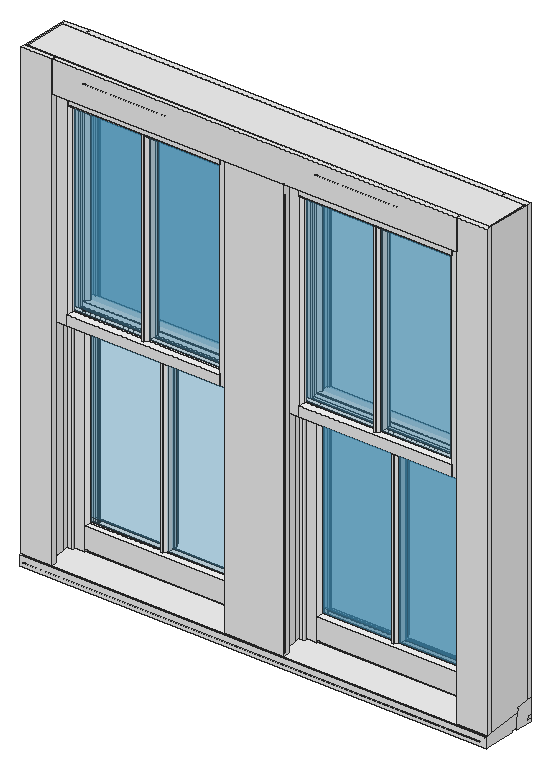
Revit family "B2-22V", category Windows, host Wall, Revit 2012 (continued)
Automatic sketch dimensions
  Sweep 82 sketch curve to Sweep 82 sketch curve = 18 mm
  Sweep 82 sketch curve to Sweep 82 sketch curve = 65 mm
  plane 1 "Center (Front/Back)" to Sweep 83 sketch curve = 0 mm
  plane 4 "Left" to Sweep 83 sketch curve = 5.921 mm
  Sweep 83 sketch curve to plane 4 "Left" = 0.079 mm
  profile plane to Sweep 83 sketch curve = 72 mm
  Sweep 83 sketch curve to profile plane = 33 mm
  Sweep 83 sketch curve to Sweep 83 sketch curve = 39 mm
  level to Sweep 83 sketch curve = 235.108 mm
  Sweep 83 sketch curve to Sweep 83 sketch curve = 12.892 mm
  Sweep 83 sketch curve to Sweep 83 sketch curve = 4.913 mm  (x2)
  Sweep 83 sketch curve to Sweep 83 sketch curve = 3 mm
  Sweep 83 sketch curve to Sweep 83 sketch curve = 4.789 mm
  Sweep 83 sketch curve to Sweep 83 sketch curve = 1336.386 mm
  Sweep 83 sketch curve to Sweep 83 sketch curve = 95 mm
  Sweep 84 sketch curve to profile plane = 0 mm
  Sweep 84 sketch curve to profile plane = 6 mm
  Sweep 84 sketch curve to Sweep 84 sketch curve = 59 mm
  Sweep 84 sketch curve to Sweep 84 sketch curve = 8 mm
  Sweep 84 sketch curve to Sweep 84 sketch curve = 9 mm
  Sweep 84 sketch curve to plane 1 "Center (Front/Back)" = 87 mm
  Sweep 84 sketch curve to Sweep 84 sketch curve = 15 mm  (x2)
  Sweep 84 sketch curve to Sweep 84 sketch curve = 5 mm  (x2)
  Sweep 85 sketch curve to plane 20 = 0 mm
  Sweep 85 sketch curve to plane 27 = 5.8 mm
  Sweep 85 sketch curve to plane 13 = 6 mm
  Sweep 85 sketch curve to plane 1 "Center (Front/Back)" = 7.41 mm
  profile plane to Sweep 85 sketch curve = 20.67 mm
  Sweep 85 sketch curve to Sweep 85 sketch curve = 0.569 mm
  Sweep 85 sketch curve to Sweep 85 sketch curve = 1.784 mm
  Sweep 85 sketch curve to Sweep 85 sketch curve = 2.978 mm  (x2)
  Sweep 85 sketch curve to Sweep 85 sketch curve = 1.351 mm
  Sweep 85 sketch curve to Sweep 85 sketch curve = 5.632 mm
  profile plane to Sweep 85 sketch curve = 0.002 mm
  Sweep 85 sketch curve to profile plane = 1.349 mm
  Sweep 85 sketch curve to profile plane = 1.717 mm
  Sweep 85 sketch curve to profile plane = 2.376 mm
  Sweep 85 sketch curve to profile plane = 4.998 mm  (x2)
  Sweep 85 sketch curve to Sweep 85 sketch curve = 6 mm  (x2)
  Sweep 85 sketch curve to Sweep 85 sketch curve = 39.334 mm
  Sweep 85 sketch curve to Sweep 85 sketch curve = 0 mm
  Sweep 85 sketch curve to plane 1 "Center (Front/Back)" = 4.045 mm
  Sweep 85 sketch curve to Sweep 85 sketch curve = 10 mm
  Sweep 85 sketch curve to Sweep 85 sketch curve = 5 mm  (x2)
  Sweep 85 sketch curve to plane 1 "Center (Front/Back)" = 14.045 mm
  Sweep 85 sketch curve to Sweep 85 sketch curve = 3 mm  (x2)
  Sweep 85 sketch curve to Sweep 85 sketch curve = 12 mm
  Sweep 85 sketch curve to Sweep 85 sketch curve = 11 mm  (x2)
  Sweep 85 sketch curve to Sweep 85 sketch curve = 14 mm
  Sweep 85 sketch curve to Sweep 85 sketch curve = 8 mm
  Sweep 85 sketch curve to Sweep 85 sketch curve = 4 mm
  Sweep 85 sketch curve to Sweep 85 sketch curve = 0.366 mm
  profile plane to Sweep 86 sketch curve = 53.47 mm
  profile plane to Sweep 86 sketch curve = 141.983 mm
  profile plane to Sweep 86 sketch curve = 65.47 mm
  Sweep 86 sketch curve to Sweep 86 sketch curve = 10 mm
  profile plane to Sweep 86 sketch curve = 5.47 mm
  Sweep 86 sketch curve to Sweep 86 sketch curve = 16 mm
  profile plane to Sweep 86 sketch curve = 0.181 mm
  Sweep 86 sketch curve to Sweep 86 sketch curve = 29.983 mm
  Sweep 86 sketch curve to Sweep 86 sketch curve = 4.017 mm
  Sweep 86 sketch curve to Sweep 86 sketch curve = 37 mm
  Sweep 86 sketch curve to Sweep 86 sketch curve = 7.017 mm
  Sweep 86 sketch curve to Sweep 86 sketch curve = 3 mm  (x2)
  Sweep 86 sketch curve to Sweep 86 sketch curve = 0 mm
  Sweep 86 sketch curve to profile plane = 3.819 mm
  Sweep 86 sketch curve to Sweep 86 sketch curve = 6.983 mm
  Sweep 86 sketch curve to Sweep 86 sketch curve = 7 mm
  Sweep 86 sketch curve to Sweep 86 sketch curve = 5 mm
  Sweep 86 sketch curve to Sweep 86 sketch curve = 2 mm
  Sweep 88 sketch curve to plane 9 = 0 mm
  Sweep 88 sketch curve to plane 26 = 13 mm
  plane 27 to Sweep 89 sketch curve = 13 mm
  plane 1 "Center (Front/Back)" to Sweep 90 sketch curve = 0 mm
  plane 4 "Left" to Sweep 90 sketch curve = 125 mm
  Sweep 90 sketch curve to plane 5 "Right" = 148 mm
  profile plane to Sweep 90 sketch curve = 100.24 mm
  Sweep 90 sketch curve to Sweep 90 sketch curve = 9.24 mm
  Sweep 90 sketch curve to Sweep 90 sketch curve = 2.634 mm
  Sweep 90 sketch curve to Sweep 90 sketch curve = 3 mm  (x2)
  Sweep 90 sketch curve to profile plane = 33 mm
  Sweep 90 sketch curve to Sweep 90 sketch curve = 34 mm
  Sweep 90 sketch curve to Sweep 90 sketch curve = 44 mm
  Sweep 90 sketch curve to Sweep 90 sketch curve = 10 mm  (x4)
  Sweep 90 sketch curve to Sweep 90 sketch curve = 15 mm
  level to Sweep 90 sketch curve = 170 mm
  Sweep 90 sketch curve to Sweep 90 sketch curve = 30 mm  (x2)
  Sweep 90 sketch curve to Sweep 90 sketch curve = 30.121 mm
  Sweep 90 sketch curve to Sweep 90 sketch curve = 28 mm
  Sweep 90 sketch curve to Sweep 90 sketch curve = 4.913 mm  (x2)
  Sweep 90 sketch curve to Sweep 90 sketch curve = 48 mm
  Sweep 91 sketch curve to plane 16 = 0 mm
  Sweep 91 sketch curve to plane 25 = 0 mm
  Sweep 91 sketch curve to plane 23 = 10 mm
  profile plane to Sweep 91 sketch curve = 70.237 mm
  Sweep 91 sketch curve to Sweep 91 sketch curve = 10 mm
  plane 1 "Center (Front/Back)" to Sweep 91 sketch curve = 5.354 mm
  Sweep 91 sketch curve to Sweep 91 sketch curve = 16 mm
  profile plane to Sweep 91 sketch curve = 20.237 mm
  Sweep 91 sketch curve to Sweep 91 sketch curve = 0 mm  (x2)
  plane 1 "Center (Front/Back)" to Sweep 91 sketch curve = 8.354 mm
  profile plane to Sweep 91 sketch curve = 17.237 mm
  Sweep 91 sketch curve to Sweep 91 sketch curve = 3 mm  (x2)
  Sweep 91 sketch curve to Sweep 91 sketch curve = 6 mm
  Sweep 91 sketch curve to Sweep 91 sketch curve = 21 mm
  Sweep 91 sketch curve to Sweep 91 sketch curve = 12 mm  (x2)
  Sweep 91 sketch curve to Sweep 91 sketch curve = 13 mm
  Sweep 91 sketch curve to Sweep 91 sketch curve = 2 mm
  Sweep 91 sketch curve to Sweep 91 sketch curve = 5 mm
  Sweep 86 sketch curve to plane 7 "Top" = 0 mm
  Sweep 86 sketch curve to plane 13 = 5 mm
  Sweep 86 sketch curve to plane 27 = 5.993 mm
  Sweep 13 sketch curve to plane 26 = 5.993 mm
  Sweep 13 sketch curve to plane 12 = 6 mm
  Sweep 87 sketch curve to plane 9 = 0 mm
  Sweep 87 sketch curve to plane 13 = 6 mm
  plane 1 "Center (Front/Back)" to Sweep 89 sketch curve = 4.291 mm  (x2)
  profile plane to Sweep 89 sketch curve = 21.997 mm
  Sweep 89 sketch curve to Sweep 89 sketch curve = 0 mm  (x2)
  Sweep 89 sketch curve to Sweep 89 sketch curve = 5 mm  (x2)
  Sweep 89 sketch curve to plane 1 "Center (Front/Back)" = 3.534 mm
  Sweep 89 sketch curve to Sweep 89 sketch curve = 7.133 mm
  Sweep 89 sketch curve to Sweep 89 sketch curve = 0.678 mm
  Sweep 89 sketch curve to Sweep 89 sketch curve = 0.824 mm
  Sweep 89 sketch curve to Sweep 89 sketch curve = 1.861 mm
  profile plane to Sweep 89 sketch curve = 6.997 mm
  Sweep 89 sketch curve to Sweep 89 sketch curve = 1.182 mm
  profile plane to Sweep 89 sketch curve = 5.997 mm
  Sweep 89 sketch curve to plane 1 "Center (Front/Back)" = 0.549 mm
  Sweep 89 sketch curve to Sweep 89 sketch curve = 1.215 mm
  Sweep 89 sketch curve to Sweep 89 sketch curve = 0.787 mm
  Sweep 89 sketch curve to Sweep 89 sketch curve = 0.597 mm
  Sweep 89 sketch curve to plane 1 "Center (Front/Back)" = 1.963 mm
  Sweep 89 sketch curve to Sweep 89 sketch curve = 0.817 mm
  Sweep 89 sketch curve to Sweep 89 sketch curve = 1 mm  (x3)
  profile plane to Sweep 89 sketch curve = 2.541 mm
  Sweep 89 sketch curve to profile plane = 6.003 mm
  Sweep 89 sketch curve to plane 1 "Center (Front/Back)" = 1.709 mm
  plane 1 "Center (Front/Back)" to Sweep 89 sketch curve = 0.291 mm
  Sweep 89 sketch curve to Sweep 89 sketch curve = 10 mm
  Sweep 89 sketch curve to Sweep 89 sketch curve = 12 mm
  Sweep 89 sketch curve to Sweep 89 sketch curve = 2.057 mm
  Sweep 89 sketch curve to Sweep 89 sketch curve = 1.127 mm
  Sweep 89 sketch curve to Sweep 89 sketch curve = 0.66 mm  (x2)
  Sweep 89 sketch curve to Sweep 89 sketch curve = 4.811 mm
  Sweep 89 sketch curve to Sweep 89 sketch curve = 1.41 mm
  Sweep 89 sketch curve to Sweep 89 sketch curve = 5.779 mm
  Sweep 89 sketch curve to Sweep 89 sketch curve = 26 mm
  Sweep 89 sketch curve to plane 1 "Center (Front/Back)" = 2.709 mm
  Sweep 89 sketch curve to plane 1 "Center (Front/Back)" = 0.709 mm
  Sweep 89 sketch curve to Sweep 89 sketch curve = 18 mm
  Sweep 89 sketch curve to Sweep 89 sketch curve = 3 mm
  profile plane to Sweep 87 sketch curve = 22 mm  (x2)
  profile plane to Sweep 87 sketch curve = 20 mm
  Sweep 87 sketch curve to Sweep 87 sketch curve = 3 mm  (x3)
  Sweep 87 sketch curve to Sweep 87 sketch curve = 2 mm  (x2)
  profile plane to Sweep 87 sketch curve = 11 mm
  Sweep 87 sketch curve to Sweep 87 sketch curve = 8 mm
  Sweep 87 sketch curve to Sweep 87 sketch curve = 4 mm  (x3)
  Sweep 87 sketch curve to Sweep 87 sketch curve = 0.849 mm
  Sweep 87 sketch curve to Sweep 87 sketch curve = 0.886 mm
  Sweep 87 sketch curve to Sweep 87 sketch curve = 1 mm  (x3)
  profile plane to Sweep 87 sketch curve = 0.867 mm
  Sweep 87 sketch curve to Sweep 87 sketch curve = 1.168 mm
  profile plane to Sweep 87 sketch curve = 0.273 mm
  Sweep 87 sketch curve to Sweep 87 sketch curve = 0.82 mm
  Sweep 87 sketch curve to Sweep 87 sketch curve = 1.99 mm
  Sweep 87 sketch curve to profile plane = 0.541 mm
  profile plane to Sweep 87 sketch curve = 2.937 mm
  Sweep 87 sketch curve to Sweep 87 sketch curve = 1.979 mm
  Sweep 87 sketch curve to Sweep 87 sketch curve = 1.857 mm
  Sweep 87 sketch curve to Sweep 87 sketch curve = 0.139 mm
  profile plane to Sweep 87 sketch curve = 2.465 mm
  Sweep 87 sketch curve to Sweep 87 sketch curve = 0.83 mm
  Sweep 87 sketch curve to profile plane = 12 mm
  Sweep 87 sketch curve to profile plane = 22.836 mm
  Sweep 87 sketch curve to Sweep 87 sketch curve = 16 mm  (x2)
  Sweep 87 sketch curve to Sweep 87 sketch curve = 2.051 mm
  Sweep 87 sketch curve to Sweep 87 sketch curve = 1.122 mm
  Sweep 87 sketch curve to Sweep 87 sketch curve = 2.02 mm
  Sweep 87 sketch curve to Sweep 87 sketch curve = 1.207 mm
  Sweep 87 sketch curve to Sweep 87 sketch curve = 1.737 mm
  Sweep 87 sketch curve to Sweep 87 sketch curve = 20 mm
  Sweep 87 sketch curve to Sweep 87 sketch curve = 6 mm
  Sweep 87 sketch curve to Sweep 87 sketch curve = 12 mm
  profile plane to Sweep 21 sketch curve = 20 mm
  profile plane to Sweep 21 sketch curve = 12 mm
  profile plane to Sweep 21 sketch curve = 2.684 mm
  profile plane to Sweep 21 sketch curve = 10.337 mm
  Sweep 21 sketch curve to Sweep 21 sketch curve = 10 mm
  Sweep 21 sketch curve to Sweep 21 sketch curve = 0.69 mm
  Sweep 21 sketch curve to Sweep 21 sketch curve = 0.829 mm
  profile plane to Sweep 21 sketch curve = 3.156 mm
  Sweep 21 sketch curve to Sweep 21 sketch curve = 1.858 mm
  Sweep 21 sketch curve to profile plane = 0.321 mm
  Sweep 21 sketch curve to Sweep 21 sketch curve = 1.382 mm
  profile plane to Sweep 21 sketch curve = 6 mm
  Sweep 21 sketch curve to Sweep 21 sketch curve = 1.979 mm
  profile plane to Sweep 21 sketch curve = 0.493 mm
  Sweep 21 sketch curve to Sweep 21 sketch curve = 0.601 mm
  Sweep 21 sketch curve to Sweep 21 sketch curve = 0.353 mm
  profile plane to Sweep 21 sketch curve = 1.087 mm
  Sweep 21 sketch curve to Sweep 21 sketch curve = 1 mm  (x4)
  profile plane to Sweep 21 sketch curve = 3.138 mm
  Sweep 21 sketch curve to Sweep 21 sketch curve = 1.167 mm
  Sweep 21 sketch curve to Sweep 21 sketch curve = 0.647 mm
  Sweep 21 sketch curve to profile plane = 6 mm
  Sweep 21 sketch curve to profile plane = 10 mm
  Sweep 21 sketch curve to Sweep 21 sketch curve = 5 mm
  Sweep 21 sketch curve to Sweep 21 sketch curve = 7 mm
  Sweep 21 sketch curve to Sweep 21 sketch curve = 2 mm  (x2)
  profile plane to Sweep 21 sketch curve = 6.164 mm
  Sweep 21 sketch curve to profile plane = 22 mm
  Sweep 21 sketch curve to Sweep 21 sketch curve = 4 mm  (x3)
  Sweep 21 sketch curve to profile plane = 22.836 mm
  Sweep 21 sketch curve to Sweep 21 sketch curve = 16 mm  (x2)
  Sweep 21 sketch curve to Sweep 21 sketch curve = 3 mm  (x2)
  Sweep 21 sketch curve to Sweep 21 sketch curve = 1.123 mm
  Sweep 21 sketch curve to Sweep 21 sketch curve = 2.021 mm
  Sweep 21 sketch curve to Sweep 21 sketch curve = 1.516 mm
  Sweep 21 sketch curve to Sweep 21 sketch curve = 20 mm
  Sweep 21 sketch curve to Sweep 21 sketch curve = 6 mm
  Sweep 21 sketch curve to Sweep 21 sketch curve = 12 mm
  plane 1 "Center (Front/Back)" to Sweep 88 sketch curve = 0.291 mm
  profile plane to Sweep 88 sketch curve = 22.003 mm
  Sweep 88 sketch curve to Sweep 88 sketch curve = 0 mm  (x2)
  Sweep 88 sketch curve to Sweep 88 sketch curve = 4 mm
  Sweep 88 sketch curve to Sweep 88 sketch curve = 5 mm
  profile plane to Sweep 88 sketch curve = 7.003 mm
  profile plane to Sweep 88 sketch curve = 6.003 mm
  Sweep 88 sketch curve to profile plane = 2.541 mm
  Sweep 88 sketch curve to Sweep 88 sketch curve = 0.562 mm
  Sweep 88 sketch curve to Sweep 88 sketch curve = 1 mm  (x2)
  Sweep 88 sketch curve to plane 1 "Center (Front/Back)" = 2.091 mm
  Sweep 88 sketch curve to Sweep 88 sketch curve = 1.157 mm
  Sweep 88 sketch curve to Sweep 88 sketch curve = 0.817 mm
  Sweep 88 sketch curve to plane 1 "Center (Front/Back)" = 0.677 mm
  Sweep 88 sketch curve to Sweep 88 sketch curve = 0.597 mm
  Sweep 88 sketch curve to profile plane = 5.997 mm
  Sweep 88 sketch curve to Sweep 88 sketch curve = 0.895 mm
  Sweep 88 sketch curve to plane 1 "Center (Front/Back)" = 0.709 mm
  Sweep 88 sketch curve to Sweep 88 sketch curve = 1.323 mm
  Sweep 88 sketch curve to Sweep 88 sketch curve = 1.075 mm
  Sweep 88 sketch curve to Sweep 88 sketch curve = 1.861 mm
  Sweep 88 sketch curve to Sweep 88 sketch curve = 0.145 mm
  Sweep 88 sketch curve to Sweep 88 sketch curve = 0.824 mm
  Sweep 88 sketch curve to plane 1 "Center (Front/Back)" = 2.709 mm
  Sweep 88 sketch curve to Sweep 88 sketch curve = 7.241 mm
  Sweep 88 sketch curve to Sweep 88 sketch curve = 16 mm
  Sweep 88 sketch curve to plane 1 "Center (Front/Back)" = 3.663 mm
  Sweep 88 sketch curve to Sweep 88 sketch curve = 2.057 mm
  Sweep 88 sketch curve to Sweep 88 sketch curve = 1.127 mm
  Sweep 88 sketch curve to Sweep 88 sketch curve = 0.531 mm  (x2)
  Sweep 88 sketch curve to Sweep 88 sketch curve = 4.939 mm
  Sweep 88 sketch curve to Sweep 88 sketch curve = 1.281 mm
  Sweep 88 sketch curve to Sweep 88 sketch curve = 5.779 mm
  Sweep 88 sketch curve to Sweep 88 sketch curve = 26 mm
  Sweep 88 sketch curve to plane 1 "Center (Front/Back)" = 1.709 mm
  plane 1 "Center (Front/Back)" to Sweep 88 sketch curve = 4.291 mm  (x2)
  Sweep 88 sketch curve to Sweep 88 sketch curve = 18 mm
  Sweep 88 sketch curve to Sweep 88 sketch curve = 3 mm
  radius of Sweep 8 sketch curve = 3.5 mm  (x2)
  radius of Sweep 10 sketch curve = 3.5 mm  (x2)
  radius of Sweep 16 sketch curve = 3.5 mm  (x2)
  radius of Sweep 17 sketch curve = 3.5 mm  (x2)
